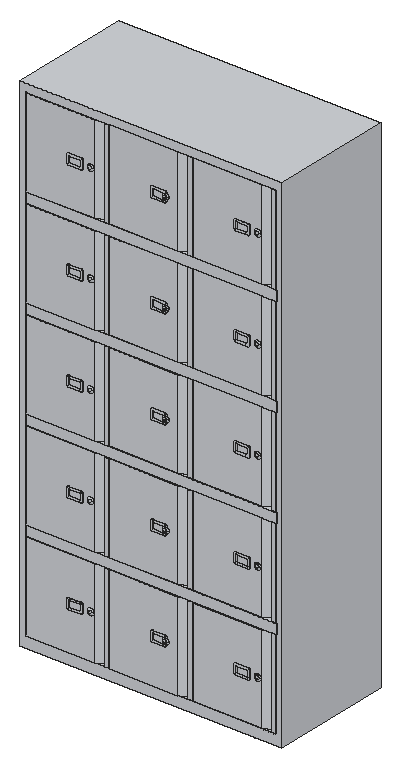
Revit family "BISLEY_SystemFile_Lodges", category Furniture, Revit 2018 (continued)
Dimensions and locks
  locked: Extrusion 72 to plane 41 at 0
  locked: Extrusion 72 to plane 37 at 0
  aligned and locked: level to plane 2
  aligned and locked: Extrusion 1 sketch curve to plane 6
  aligned and locked: plane 4 to Extrusion 1 sketch curve
  aligned and locked: plane 7 to Extrusion 1 sketch curve
  aligned and locked: Extrusion 1 sketch curve to plane 5
  aligned and locked: Extrusion 1 to plane 9
  aligned and locked: plane 8 to Extrusion 1
  aligned and locked: plane 11 to Extrusion 2 sketch curve
  aligned and locked: Extrusion 2 sketch curve to plane 10
  aligned and locked: Extrusion 2 sketch curve to plane 12
  aligned and locked: Extrusion 2 to plane 7
  aligned and locked: Extrusion 2 to plane 13
  aligned and locked: Extrusion 6 to plane 21
  aligned and locked: plane 17 to Extrusion 6
  aligned and locked: plane 22 to Extrusion 6
  aligned and locked: plane 25 to Extrusion 8
  aligned and locked: Extrusion 8 to plane 20
  aligned and locked: plane 22 to Extrusion 8
  aligned and locked: plane 30 to Extrusion 10
  aligned and locked: plane 28 to Extrusion 10
  aligned and locked: plane 22 to Extrusion 10
  aligned and locked: Extrusion 12 to plane 33
  aligned and locked: plane 34 to Extrusion 12
  aligned and locked: plane 22 to Extrusion 12
  aligned and locked: Extrusion 14 to plane 37
  aligned and locked: plane 41 to Extrusion 14
  aligned and locked: plane 19 to Extrusion 16
  aligned and locked: Extrusion 16 to plane 18
  aligned and locked: plane 12 to Extrusion 17
  aligned and locked: Extrusion 17 to plane 11
  aligned and locked: plane 26 to Extrusion 17
  aligned and locked: plane 27 to Extrusion 17
  aligned and locked: plane 12 to Extrusion 16
  aligned and locked: Extrusion 16 to plane 11
  aligned and locked: plane 12 to Extrusion 18
  aligned and locked: Extrusion 18 to plane 31
  aligned and locked: plane 32 to Extrusion 18
  aligned and locked: Extrusion 18 to plane 11
  aligned and locked: plane 12 to Extrusion 19
  aligned and locked: Extrusion 19 to plane 35
  aligned and locked: plane 36 to Extrusion 19
  aligned and locked: Extrusion 19 to plane 11
  aligned and locked: Extrusion 19 to plane 7
  aligned and locked: Extrusion 19 to plane 13
  aligned and locked: Extrusion 18 to plane 7
  aligned and locked: Extrusion 18 to plane 13
  aligned and locked: Extrusion 17 to plane 7
  aligned and locked: Extrusion 17 to plane 13
  aligned and locked: Extrusion 16 to plane 7
  aligned and locked: Extrusion 16 to plane 13
  aligned and locked: Extrusion 20 to Extrusion 6
  aligned and locked: Extrusion 20 to plane 23
  aligned and locked: Extrusion 6 to Extrusion 20
  aligned and locked: Extrusion 22 to plane 20
  aligned and locked: Extrusion 22 to plane 23
  aligned and locked: plane 25 to Extrusion 22
  aligned and locked: plane 28 to Extrusion 24
  aligned and locked: Extrusion 24 to plane 23
  aligned and locked: plane 30 to Extrusion 24
  aligned and locked: Extrusion 26 to plane 33
  aligned and locked: Extrusion 26 to plane 23
  aligned and locked: plane 34 to Extrusion 26
  aligned and locked: Extrusion 28 to plane 37
  aligned and locked: Extrusion 28 to plane 23
  aligned and locked: Extrusion 14 to Extrusion 28
  aligned and locked: Extrusion 30 to plane 23
  aligned and locked: Extrusion 6 to Extrusion 30
  aligned and locked: Extrusion 30 to plane 21
  aligned and locked: plane 47 to Extrusion 30
  aligned and locked: plane 49 to Extrusion 33
  aligned and locked: Extrusion 33 to Extrusion 6
  aligned and locked: Extrusion 33 to plane 48
  aligned and locked: Extrusion 6 to Extrusion 33
  aligned and locked: Extrusion 36 to Extrusion 6  (x2)
  aligned and locked: Extrusion 6 to Extrusion 36
  aligned and locked: plane 50 to Extrusion 36
  aligned and locked: Extrusion 39 to plane 20
  aligned and locked: plane 25 to Extrusion 39
  aligned and locked: Extrusion 39 to plane 23
  aligned and locked: Extrusion 42 to plane 48
  aligned and locked: Extrusion 42 to plane 20
  aligned and locked: plane 25 to Extrusion 42
  aligned and locked: plane 49 to Extrusion 42
  aligned and locked: plane 25 to Extrusion 45
  aligned and locked: plane 50 to Extrusion 45
  aligned and locked: Extrusion 45 to plane 20
  aligned and locked: plane 22 to Extrusion 45
  aligned and locked: Extrusion 48 to plane 23
  aligned and locked: plane 47 to Extrusion 48
  aligned and locked: plane 28 to Extrusion 48
  aligned and locked: plane 30 to Extrusion 48
  aligned and locked: plane 49 to Extrusion 51
  aligned and locked: plane 28 to Extrusion 51
  aligned and locked: plane 28 to Extrusion 54
  aligned and locked: Extrusion 57 to plane 23
  aligned and locked: Extrusion 57 to plane 33
  aligned and locked: Extrusion 60 to plane 48
  aligned and locked: Extrusion 60 to plane 33
  aligned and locked: Extrusion 63 to plane 33
  aligned and locked: Extrusion 66 to plane 37
  aligned and locked: Extrusion 69 to plane 37
  aligned and locked: Extrusion 72 to Extrusion 14
Automatic sketch dimensions
  Extrusion 3 sketch curve to Extrusion 3 sketch curve = 1.642 mm
  Extrusion 3 sketch curve to Extrusion 3 sketch curve = 15.358 mm  (x2)
  Extrusion 3 sketch curve to Extrusion 3 sketch curve = 34.978 mm
  Extrusion 3 sketch curve to Extrusion 3 sketch curve = 249.536 mm
  Extrusion 3 sketch curve to Extrusion 3 sketch curve = 1.402 mm
  Extrusion 3 sketch curve to Extrusion 3 sketch curve = 16.849 mm
  Extrusion 3 sketch curve to Extrusion 3 sketch curve = 1.749 mm
  Extrusion 3 sketch curve to Extrusion 3 sketch curve = 0 mm
  plane 41 to Extrusion 2 sketch curve = 3 mm
  Extrusion 4 sketch curve to plane 15 = 0 mm  (x2)
  Extrusion 4 sketch curve to plane 16 = 0 mm  (x2)
  plane 23 to Extrusion 4 sketch curve = 96.333 mm  (x2)
  Extrusion 4 sketch curve to plane 22 = 96.333 mm  (x2)
  Extrusion 5 sketch curve to plane 15 = 0 mm  (x2)
  Extrusion 5 sketch curve to plane 16 = 0 mm  (x2)
  plane 23 to Extrusion 5 sketch curve = 96.333 mm  (x2)
  Extrusion 5 sketch curve to plane 22 = 96.333 mm  (x2)
  Extrusion 6 sketch curve to plane 22 = 0 mm
  Extrusion 6 sketch curve to plane 7 = 0.008 mm  (x2)
  plane 3 "Center (Left/Right)" to Extrusion 6 sketch curve = 56 mm
  Extrusion 6 sketch curve to plane 14 = 3.749 mm
  plane 3 "Center (Left/Right)" to Extrusion 6 sketch curve = 24.09 mm
  plane 7 to Extrusion 6 sketch curve = 1.992 mm
  Extrusion 6 sketch curve to Extrusion 6 sketch curve = 6.09 mm
  plane 3 "Center (Left/Right)" to Extrusion 6 sketch curve = 3 mm
  plane 3 "Center (Left/Right)" to Extrusion 6 sketch curve = 1 mm
  Extrusion 6 sketch curve to plane 14 = 2.008 mm
  Blend 7 sketch curve to plane 24 = 0 mm  (x2)
  Blend 7 sketch curve to plane 49 = 54.292 mm  (x2)
  Extrusion 8 sketch curve to plane 22 = 0 mm
  Extrusion 8 sketch curve to plane 7 = 0.008 mm  (x2)
  plane 3 "Center (Left/Right)" to Extrusion 8 sketch curve = 56 mm
  Extrusion 8 sketch curve to plane 14 = 3.749 mm
  plane 3 "Center (Left/Right)" to Extrusion 8 sketch curve = 24.09 mm
  plane 7 to Extrusion 8 sketch curve = 1.992 mm
  Extrusion 8 sketch curve to Extrusion 8 sketch curve = 6.09 mm
  plane 3 "Center (Left/Right)" to Extrusion 8 sketch curve = 3 mm
  plane 3 "Center (Left/Right)" to Extrusion 8 sketch curve = 1 mm
  Extrusion 8 sketch curve to plane 14 = 2.008 mm
  Blend 9 sketch curve to plane 29 = 0 mm  (x2)
  Blend 9 sketch curve to plane 49 = 54.292 mm  (x2)
  Extrusion 10 sketch curve to plane 22 = 0 mm
  Extrusion 10 sketch curve to plane 7 = 0.008 mm  (x2)
  plane 3 "Center (Left/Right)" to Extrusion 10 sketch curve = 56 mm
  Extrusion 10 sketch curve to plane 14 = 3.749 mm
  plane 3 "Center (Left/Right)" to Extrusion 10 sketch curve = 24.09 mm
  plane 7 to Extrusion 10 sketch curve = 1.992 mm
  Extrusion 10 sketch curve to Extrusion 10 sketch curve = 6.09 mm
  plane 3 "Center (Left/Right)" to Extrusion 10 sketch curve = 3 mm
  plane 3 "Center (Left/Right)" to Extrusion 10 sketch curve = 1 mm
  Extrusion 10 sketch curve to plane 14 = 2.008 mm
  Blend 11 sketch curve to plane 38 = 0 mm  (x2)
  Blend 11 sketch curve to plane 49 = 54.292 mm  (x2)
  Extrusion 12 sketch curve to plane 22 = 0 mm
  Extrusion 12 sketch curve to plane 7 = 0.008 mm  (x2)
  plane 3 "Center (Left/Right)" to Extrusion 12 sketch curve = 56 mm
  Extrusion 12 sketch curve to plane 14 = 3.749 mm
  plane 3 "Center (Left/Right)" to Extrusion 12 sketch curve = 24.09 mm
  plane 7 to Extrusion 12 sketch curve = 1.992 mm
  Extrusion 12 sketch curve to Extrusion 12 sketch curve = 6.09 mm
  plane 3 "Center (Left/Right)" to Extrusion 12 sketch curve = 3 mm
  plane 3 "Center (Left/Right)" to Extrusion 12 sketch curve = 1 mm
  Extrusion 12 sketch curve to plane 14 = 2.008 mm
  Blend 13 sketch curve to plane 39 = 0 mm  (x2)
  Blend 13 sketch curve to plane 49 = 54.292 mm  (x2)
  Extrusion 14 sketch curve to plane 22 = 0 mm
  Extrusion 14 sketch curve to plane 7 = 0.008 mm  (x2)
  plane 3 "Center (Left/Right)" to Extrusion 14 sketch curve = 56 mm
  Extrusion 14 sketch curve to plane 14 = 3.749 mm
  plane 3 "Center (Left/Right)" to Extrusion 14 sketch curve = 24.09 mm
  plane 7 to Extrusion 14 sketch curve = 1.992 mm
  Extrusion 14 sketch curve to Extrusion 14 sketch curve = 6.09 mm
  plane 3 "Center (Left/Right)" to Extrusion 14 sketch curve = 3 mm
  plane 3 "Center (Left/Right)" to Extrusion 14 sketch curve = 1 mm
  Extrusion 14 sketch curve to plane 14 = 2.008 mm
  Blend 15 sketch curve to plane 40 = 0 mm  (x2)
  Blend 15 sketch curve to plane 49 = 54.292 mm  (x2)
  Extrusion 16 sketch curve to plane 11 = 0 mm
  Extrusion 16 sketch curve to plane 12 = 0 mm
  Extrusion 16 sketch curve to plane 18 = 0 mm
  Extrusion 16 sketch curve to plane 19 = 0 mm
  Extrusion 17 sketch curve to plane 11 = 0 mm
  Extrusion 17 sketch curve to plane 12 = 0 mm
  Extrusion 17 sketch curve to plane 26 = 0 mm
  Extrusion 17 sketch curve to plane 27 = 0 mm
  Extrusion 18 sketch curve to plane 11 = 0 mm
  Extrusion 18 sketch curve to plane 12 = 0 mm
  Extrusion 18 sketch curve to plane 31 = 0 mm
  Extrusion 18 sketch curve to plane 32 = 0 mm
  Extrusion 19 sketch curve to plane 11 = 0 mm
  Extrusion 19 sketch curve to plane 12 = 0 mm
  Extrusion 19 sketch curve to plane 35 = 0 mm
  Extrusion 19 sketch curve to plane 36 = 0 mm
  Extrusion 20 sketch curve to plane 23 = 0 mm
  Extrusion 20 sketch curve to plane 7 = 0.008 mm  (x2)
  Extrusion 20 sketch curve to plane 3 "Center (Left/Right)" = 56.41 mm
  Extrusion 20 sketch curve to plane 14 = 3.749 mm
  Extrusion 20 sketch curve to plane 3 "Center (Left/Right)" = 24.5 mm
  plane 7 to Extrusion 20 sketch curve = 1.992 mm
  Extrusion 20 sketch curve to Extrusion 20 sketch curve = 6.09 mm
  Extrusion 20 sketch curve to plane 3 "Center (Left/Right)" = 3.41 mm
  Extrusion 20 sketch curve to plane 3 "Center (Left/Right)" = 1.41 mm
  Extrusion 20 sketch curve to plane 14 = 2.008 mm
  Blend 21 sketch curve to plane 24 = 0 mm  (x2)
  Blend 21 sketch curve to plane 48 = 54.292 mm  (x2)
  Extrusion 22 sketch curve to plane 23 = 0 mm
  Extrusion 22 sketch curve to plane 7 = 0.008 mm  (x2)
  Extrusion 22 sketch curve to plane 3 "Center (Left/Right)" = 56 mm
  Extrusion 22 sketch curve to plane 14 = 3.749 mm
  Extrusion 22 sketch curve to plane 3 "Center (Left/Right)" = 24.09 mm
  plane 7 to Extrusion 22 sketch curve = 1.992 mm
  Extrusion 22 sketch curve to Extrusion 22 sketch curve = 6.09 mm
  Extrusion 22 sketch curve to plane 3 "Center (Left/Right)" = 3 mm
  Extrusion 22 sketch curve to plane 3 "Center (Left/Right)" = 1 mm
  Extrusion 22 sketch curve to plane 14 = 2.008 mm
  Blend 23 sketch curve to plane 29 = 0 mm  (x2)
  Blend 23 sketch curve to plane 48 = 54.292 mm  (x2)
  Extrusion 24 sketch curve to plane 23 = 0 mm
  Extrusion 24 sketch curve to plane 7 = 0.008 mm  (x2)
  Extrusion 24 sketch curve to plane 3 "Center (Left/Right)" = 56 mm
  Extrusion 24 sketch curve to plane 14 = 3.749 mm
  Extrusion 24 sketch curve to plane 3 "Center (Left/Right)" = 24.09 mm
  plane 7 to Extrusion 24 sketch curve = 1.992 mm
  Extrusion 24 sketch curve to Extrusion 24 sketch curve = 6.09 mm
  Extrusion 24 sketch curve to plane 3 "Center (Left/Right)" = 3 mm
  Extrusion 24 sketch curve to plane 3 "Center (Left/Right)" = 1 mm
  Extrusion 24 sketch curve to plane 14 = 2.008 mm
  Blend 25 sketch curve to plane 38 = 0 mm  (x2)
  Blend 25 sketch curve to plane 48 = 54.292 mm  (x2)
  Extrusion 26 sketch curve to plane 23 = 0 mm
  Extrusion 26 sketch curve to plane 7 = 0.008 mm  (x2)
  Extrusion 26 sketch curve to plane 3 "Center (Left/Right)" = 56 mm
  Extrusion 26 sketch curve to plane 14 = 3.749 mm
  Extrusion 26 sketch curve to plane 3 "Center (Left/Right)" = 24.09 mm
  plane 7 to Extrusion 26 sketch curve = 1.992 mm
  Extrusion 26 sketch curve to Extrusion 26 sketch curve = 6.09 mm
  Extrusion 26 sketch curve to plane 3 "Center (Left/Right)" = 3 mm
  Extrusion 26 sketch curve to plane 3 "Center (Left/Right)" = 1 mm
  Extrusion 26 sketch curve to plane 14 = 2.008 mm
  Blend 27 sketch curve to plane 39 = 0 mm  (x2)
  Blend 27 sketch curve to plane 48 = 54.292 mm  (x2)
  Extrusion 28 sketch curve to plane 23 = 0 mm
  Extrusion 28 sketch curve to plane 7 = 0.008 mm  (x2)
  Extrusion 28 sketch curve to plane 3 "Center (Left/Right)" = 56 mm
  Extrusion 28 sketch curve to plane 14 = 3.749 mm
  Extrusion 28 sketch curve to plane 3 "Center (Left/Right)" = 24.09 mm
  plane 7 to Extrusion 28 sketch curve = 1.992 mm
  Extrusion 28 sketch curve to Extrusion 28 sketch curve = 6.09 mm
  Extrusion 28 sketch curve to plane 3 "Center (Left/Right)" = 3 mm
  Extrusion 28 sketch curve to plane 3 "Center (Left/Right)" = 1 mm
  Extrusion 28 sketch curve to plane 14 = 2.008 mm
  Blend 29 sketch curve to plane 40 = 0 mm  (x2)
  Blend 29 sketch curve to plane 48 = 54.292 mm  (x2)
  Extrusion 30 sketch curve to plane 47 = 0 mm
  Extrusion 30 sketch curve to plane 23 = 0 mm
  Extrusion 30 sketch curve to plane 47 = 2 mm
  Extrusion 30 sketch curve to plane 7 = 0.008 mm  (x2)
  Extrusion 30 sketch curve to Extrusion 30 sketch curve = 15 mm
  Extrusion 30 sketch curve to plane 14 = 3.749 mm
  Extrusion 30 sketch curve to Extrusion 30 sketch curve = 6.09 mm
  Extrusion 30 sketch curve to Extrusion 30 sketch curve = 31.91 mm
  Extrusion 30 sketch curve to plane 14 = 2.008 mm
  plane 7 to Extrusion 30 sketch curve = 1.992 mm
  Blend 31 sketch curve to plane 24 = 0 mm  (x2)
  plane 47 to Blend 31 sketch curve = 70.041 mm  (x2)
  plane 24 to Extrusion 32 sketch curve = 13 mm
  plane 47 to Extrusion 32 sketch curve = 99.018 mm
  Extrusion 32 sketch curve to Extrusion 32 sketch curve = 7 mm  (x3)
  Extrusion 32 sketch curve to Extrusion 32 sketch curve = 0 mm  (x4)
  Extrusion 32 sketch curve to Extrusion 32 sketch curve = 1 mm  (x5)
  Extrusion 32 sketch curve to plane 24 = 12 mm
  Extrusion 32 sketch curve to Extrusion 32 sketch curve = 44 mm
  Extrusion 33 sketch curve to plane 49 = 0 mm
  Extrusion 33 sketch curve to plane 48 = 0 mm
  Extrusion 33 sketch curve to plane 49 = 2 mm
  Extrusion 33 sketch curve to plane 7 = 0.008 mm  (x2)
  Extrusion 33 sketch curve to Extrusion 33 sketch curve = 15 mm
  Extrusion 33 sketch curve to plane 14 = 3.749 mm
  Extrusion 33 sketch curve to Extrusion 33 sketch curve = 6.09 mm
  Extrusion 33 sketch curve to Extrusion 33 sketch curve = 31.91 mm
  Extrusion 33 sketch curve to plane 14 = 2.008 mm
  plane 7 to Extrusion 33 sketch curve = 1.992 mm
  Blend 34 sketch curve to plane 24 = 0 mm  (x2)
  Blend 34 sketch curve to plane 3 "Center (Left/Right)" = 55.292 mm  (x2)
  plane 24 to Extrusion 35 sketch curve = 13 mm
  Extrusion 35 sketch curve to plane 3 "Center (Left/Right)" = 59.649 mm
  Extrusion 35 sketch curve to Extrusion 35 sketch curve = 7 mm  (x2)
  Extrusion 35 sketch curve to Extrusion 35 sketch curve = 0 mm  (x3)
  Extrusion 35 sketch curve to Extrusion 35 sketch curve = 1 mm  (x3)
  Extrusion 35 sketch curve to plane 3 "Center (Left/Right)" = 7.649 mm  (x2)
  Extrusion 35 sketch curve to plane 3 "Center (Left/Right)" = 6.649 mm  (x2)
  plane 3 "Center (Left/Right)" to Extrusion 35 sketch curve = 0.351 mm
  Extrusion 35 sketch curve to plane 24 = 12 mm
  Extrusion 36 sketch curve to plane 22 = 0 mm
  Extrusion 36 sketch curve to plane 50 = 0 mm
  Extrusion 36 sketch curve to plane 22 = 2 mm
  Extrusion 36 sketch curve to plane 7 = 0.008 mm  (x2)
  Extrusion 36 sketch curve to Extrusion 36 sketch curve = 15 mm
  Extrusion 36 sketch curve to plane 14 = 3.749 mm
  Extrusion 36 sketch curve to Extrusion 36 sketch curve = 6.09 mm
  Extrusion 36 sketch curve to Extrusion 36 sketch curve = 31.91 mm
  Extrusion 36 sketch curve to plane 14 = 2.008 mm
  plane 7 to Extrusion 36 sketch curve = 1.992 mm
  Blend 37 sketch curve to plane 24 = 0 mm  (x2)
  plane 22 to Blend 37 sketch curve = 70.041 mm  (x2)
  plane 24 to Extrusion 38 sketch curve = 13 mm
  plane 22 to Extrusion 38 sketch curve = 99.018 mm
  Extrusion 38 sketch curve to Extrusion 38 sketch curve = 7 mm  (x3)
  Extrusion 38 sketch curve to Extrusion 38 sketch curve = 0 mm  (x4)
  Extrusion 38 sketch curve to Extrusion 38 sketch curve = 1 mm  (x5)
  Extrusion 38 sketch curve to plane 24 = 12 mm
  Extrusion 38 sketch curve to Extrusion 38 sketch curve = 44 mm
  Extrusion 39 sketch curve to plane 47 = 0 mm
  Extrusion 39 sketch curve to plane 23 = 0 mm
  Extrusion 39 sketch curve to plane 47 = 2 mm
  Extrusion 39 sketch curve to plane 7 = 0.008 mm  (x2)
  Extrusion 39 sketch curve to Extrusion 39 sketch curve = 15 mm
  Extrusion 39 sketch curve to plane 14 = 3.749 mm
  Extrusion 39 sketch curve to Extrusion 39 sketch curve = 6.09 mm
  Extrusion 39 sketch curve to Extrusion 39 sketch curve = 31.91 mm
  Extrusion 39 sketch curve to plane 14 = 2.008 mm
  plane 7 to Extrusion 39 sketch curve = 1.992 mm
  Blend 40 sketch curve to plane 29 = 0 mm  (x2)
  plane 47 to Blend 40 sketch curve = 70.041 mm  (x2)
  plane 29 to Extrusion 41 sketch curve = 13 mm
  plane 47 to Extrusion 41 sketch curve = 99.018 mm
  Extrusion 41 sketch curve to Extrusion 41 sketch curve = 7 mm  (x3)
  Extrusion 41 sketch curve to Extrusion 41 sketch curve = 0 mm  (x4)
  Extrusion 41 sketch curve to Extrusion 41 sketch curve = 1 mm  (x5)
  Extrusion 41 sketch curve to plane 29 = 12 mm
  Extrusion 41 sketch curve to Extrusion 41 sketch curve = 44 mm
  Extrusion 42 sketch curve to plane 49 = 0 mm
  Extrusion 42 sketch curve to plane 48 = 0 mm
  Extrusion 42 sketch curve to plane 49 = 2 mm
  Extrusion 42 sketch curve to plane 7 = 0.008 mm  (x2)
  Extrusion 42 sketch curve to Extrusion 42 sketch curve = 15 mm
  Extrusion 42 sketch curve to plane 14 = 3.749 mm
  Extrusion 42 sketch curve to Extrusion 42 sketch curve = 6.09 mm
  Extrusion 42 sketch curve to Extrusion 42 sketch curve = 31.91 mm
  Extrusion 42 sketch curve to plane 14 = 2.008 mm
  plane 7 to Extrusion 42 sketch curve = 1.992 mm
  Blend 43 sketch curve to plane 29 = 0 mm  (x2)
  Blend 43 sketch curve to plane 3 "Center (Left/Right)" = 55.292 mm  (x2)
  plane 29 to Extrusion 44 sketch curve = 13 mm
  Extrusion 44 sketch curve to plane 3 "Center (Left/Right)" = 59.649 mm
  Extrusion 44 sketch curve to Extrusion 44 sketch curve = 7 mm  (x2)
  Extrusion 44 sketch curve to Extrusion 44 sketch curve = 0 mm  (x3)
  Extrusion 44 sketch curve to Extrusion 44 sketch curve = 1 mm  (x3)
  Extrusion 44 sketch curve to plane 3 "Center (Left/Right)" = 7.649 mm  (x2)
  Extrusion 44 sketch curve to plane 3 "Center (Left/Right)" = 6.649 mm  (x2)
  plane 3 "Center (Left/Right)" to Extrusion 44 sketch curve = 0.351 mm
  Extrusion 44 sketch curve to plane 29 = 12 mm
  Extrusion 45 sketch curve to plane 22 = 0 mm
  Extrusion 45 sketch curve to plane 50 = 0 mm
  Extrusion 45 sketch curve to plane 22 = 2 mm
  Extrusion 45 sketch curve to plane 7 = 0.008 mm  (x2)
  Extrusion 45 sketch curve to Extrusion 45 sketch curve = 15 mm
  Extrusion 45 sketch curve to plane 14 = 3.749 mm
  Extrusion 45 sketch curve to Extrusion 45 sketch curve = 6.09 mm
  Extrusion 45 sketch curve to Extrusion 45 sketch curve = 31.91 mm
  Extrusion 45 sketch curve to plane 14 = 2.008 mm
  plane 7 to Extrusion 45 sketch curve = 1.992 mm
  Blend 46 sketch curve to plane 29 = 0 mm  (x2)
  plane 22 to Blend 46 sketch curve = 70.041 mm  (x2)
  plane 29 to Extrusion 47 sketch curve = 13 mm
  plane 22 to Extrusion 47 sketch curve = 99.018 mm
  Extrusion 47 sketch curve to Extrusion 47 sketch curve = 7 mm  (x3)
  Extrusion 47 sketch curve to Extrusion 47 sketch curve = 0 mm  (x3)
  Extrusion 47 sketch curve to Extrusion 47 sketch curve = 1 mm  (x6)
  Extrusion 47 sketch curve to plane 29 = 12 mm
  Extrusion 47 sketch curve to Extrusion 47 sketch curve = 44 mm
  Extrusion 48 sketch curve to plane 47 = 0 mm
  Extrusion 48 sketch curve to plane 23 = 0 mm
  Extrusion 48 sketch curve to plane 47 = 2 mm
  Extrusion 48 sketch curve to plane 7 = 0.008 mm  (x2)
  Extrusion 48 sketch curve to Extrusion 48 sketch curve = 15 mm
  Extrusion 48 sketch curve to plane 14 = 3.749 mm
  Extrusion 48 sketch curve to Extrusion 48 sketch curve = 6.09 mm
  Extrusion 48 sketch curve to Extrusion 48 sketch curve = 31.91 mm
  Extrusion 48 sketch curve to plane 14 = 2.008 mm
  plane 7 to Extrusion 48 sketch curve = 1.992 mm
  Blend 49 sketch curve to plane 38 = 0 mm  (x2)
  plane 47 to Blend 49 sketch curve = 70.041 mm  (x2)
  plane 38 to Extrusion 50 sketch curve = 13 mm
  plane 47 to Extrusion 50 sketch curve = 99.018 mm
  Extrusion 50 sketch curve to Extrusion 50 sketch curve = 7 mm  (x3)
  Extrusion 50 sketch curve to Extrusion 50 sketch curve = 0 mm  (x4)
  Extrusion 50 sketch curve to Extrusion 50 sketch curve = 1 mm  (x5)
  Extrusion 50 sketch curve to plane 38 = 12 mm
  Extrusion 50 sketch curve to Extrusion 50 sketch curve = 44 mm
  Extrusion 51 sketch curve to plane 49 = 0 mm
  Extrusion 51 sketch curve to plane 48 = 0 mm
  Extrusion 51 sketch curve to plane 49 = 2 mm
  Extrusion 51 sketch curve to plane 7 = 0.008 mm  (x2)
  Extrusion 51 sketch curve to Extrusion 51 sketch curve = 15 mm
  Extrusion 51 sketch curve to plane 14 = 3.749 mm
  Extrusion 51 sketch curve to Extrusion 51 sketch curve = 6.09 mm
  Extrusion 51 sketch curve to Extrusion 51 sketch curve = 31.91 mm
  Extrusion 51 sketch curve to plane 14 = 2.008 mm
  plane 7 to Extrusion 51 sketch curve = 1.992 mm
  Blend 52 sketch curve to plane 38 = 0 mm  (x2)
  Blend 52 sketch curve to plane 3 "Center (Left/Right)" = 55.292 mm  (x2)
  plane 38 to Extrusion 53 sketch curve = 13 mm
  Extrusion 53 sketch curve to plane 3 "Center (Left/Right)" = 59.649 mm
  Extrusion 53 sketch curve to Extrusion 53 sketch curve = 7 mm  (x2)
  Extrusion 53 sketch curve to Extrusion 53 sketch curve = 0 mm  (x3)
  Extrusion 53 sketch curve to Extrusion 53 sketch curve = 1 mm  (x3)
  Extrusion 53 sketch curve to plane 3 "Center (Left/Right)" = 7.649 mm  (x2)
  Extrusion 53 sketch curve to plane 3 "Center (Left/Right)" = 6.649 mm  (x2)
  plane 3 "Center (Left/Right)" to Extrusion 53 sketch curve = 0.351 mm
  Extrusion 53 sketch curve to plane 38 = 12 mm
  Extrusion 54 sketch curve to plane 22 = 0 mm
  Extrusion 54 sketch curve to plane 50 = 0 mm
  Extrusion 54 sketch curve to plane 22 = 2 mm
  Extrusion 54 sketch curve to plane 7 = 0.008 mm  (x2)
  Extrusion 54 sketch curve to Extrusion 54 sketch curve = 15 mm
  Extrusion 54 sketch curve to plane 14 = 3.749 mm
  Extrusion 54 sketch curve to Extrusion 54 sketch curve = 6.09 mm
  Extrusion 54 sketch curve to Extrusion 54 sketch curve = 31.91 mm
  Extrusion 54 sketch curve to plane 14 = 2.008 mm
  plane 7 to Extrusion 54 sketch curve = 1.992 mm
  Blend 55 sketch curve to plane 38 = 0 mm  (x2)
  plane 22 to Blend 55 sketch curve = 70.041 mm  (x2)
  plane 38 to Extrusion 56 sketch curve = 13 mm
  plane 22 to Extrusion 56 sketch curve = 99.018 mm
  Extrusion 56 sketch curve to Extrusion 56 sketch curve = 7 mm  (x3)
  Extrusion 56 sketch curve to Extrusion 56 sketch curve = 0 mm  (x5)
  Extrusion 56 sketch curve to Extrusion 56 sketch curve = 1 mm  (x4)
  Extrusion 56 sketch curve to plane 38 = 12 mm
  Extrusion 56 sketch curve to Extrusion 56 sketch curve = 44 mm
  Extrusion 57 sketch curve to plane 47 = 0 mm
  Extrusion 57 sketch curve to plane 23 = 0 mm
  Extrusion 57 sketch curve to plane 47 = 2 mm
  Extrusion 57 sketch curve to plane 7 = 0.008 mm  (x2)
  Extrusion 57 sketch curve to Extrusion 57 sketch curve = 15 mm
  Extrusion 57 sketch curve to plane 14 = 3.749 mm
  Extrusion 57 sketch curve to Extrusion 57 sketch curve = 6.09 mm
  Extrusion 57 sketch curve to Extrusion 57 sketch curve = 31.91 mm
  Extrusion 57 sketch curve to plane 14 = 2.008 mm
  plane 7 to Extrusion 57 sketch curve = 1.992 mm
  Blend 58 sketch curve to plane 39 = 0 mm  (x2)
  plane 47 to Blend 58 sketch curve = 70.041 mm  (x2)
  plane 39 to Extrusion 59 sketch curve = 13 mm
  plane 47 to Extrusion 59 sketch curve = 99.018 mm
  Extrusion 59 sketch curve to Extrusion 59 sketch curve = 7 mm  (x3)
  Extrusion 59 sketch curve to Extrusion 59 sketch curve = 0 mm  (x4)
  Extrusion 59 sketch curve to Extrusion 59 sketch curve = 1 mm  (x5)
  Extrusion 59 sketch curve to plane 39 = 12 mm
  Extrusion 59 sketch curve to Extrusion 59 sketch curve = 44 mm
  Extrusion 60 sketch curve to plane 49 = 0 mm
  Extrusion 60 sketch curve to plane 48 = 0 mm
  Extrusion 60 sketch curve to plane 49 = 2 mm
  Extrusion 60 sketch curve to plane 7 = 0.008 mm  (x2)
  Extrusion 60 sketch curve to Extrusion 60 sketch curve = 15 mm
  Extrusion 60 sketch curve to plane 14 = 3.749 mm
  Extrusion 60 sketch curve to Extrusion 60 sketch curve = 6.09 mm
  Extrusion 60 sketch curve to Extrusion 60 sketch curve = 31.91 mm
  Extrusion 60 sketch curve to plane 14 = 2.008 mm
  plane 7 to Extrusion 60 sketch curve = 1.992 mm
  Blend 61 sketch curve to plane 39 = 0 mm  (x2)
  Blend 61 sketch curve to plane 3 "Center (Left/Right)" = 55.292 mm  (x2)
  plane 39 to Extrusion 62 sketch curve = 13 mm
  Extrusion 62 sketch curve to plane 3 "Center (Left/Right)" = 59.649 mm
  Extrusion 62 sketch curve to Extrusion 62 sketch curve = 7 mm  (x2)
  Extrusion 62 sketch curve to Extrusion 62 sketch curve = 0 mm  (x3)
  Extrusion 62 sketch curve to Extrusion 62 sketch curve = 1 mm  (x3)
  Extrusion 62 sketch curve to plane 3 "Center (Left/Right)" = 7.649 mm  (x2)
  Extrusion 62 sketch curve to plane 3 "Center (Left/Right)" = 6.649 mm  (x2)
  plane 3 "Center (Left/Right)" to Extrusion 62 sketch curve = 0.351 mm
  Extrusion 62 sketch curve to plane 39 = 12 mm
  Extrusion 63 sketch curve to plane 22 = 0 mm
  Extrusion 63 sketch curve to plane 50 = 0 mm
  Extrusion 63 sketch curve to plane 22 = 2 mm
  Extrusion 63 sketch curve to plane 7 = 0.008 mm  (x2)
  Extrusion 63 sketch curve to Extrusion 63 sketch curve = 15 mm
  Extrusion 63 sketch curve to plane 14 = 3.749 mm
  Extrusion 63 sketch curve to Extrusion 63 sketch curve = 6.09 mm
  Extrusion 63 sketch curve to Extrusion 63 sketch curve = 31.91 mm
  Extrusion 63 sketch curve to plane 14 = 2.008 mm
  plane 7 to Extrusion 63 sketch curve = 1.992 mm
  Blend 64 sketch curve to plane 39 = 0 mm  (x2)
  plane 22 to Blend 64 sketch curve = 70.041 mm  (x2)
  plane 39 to Extrusion 65 sketch curve = 13 mm
  plane 22 to Extrusion 65 sketch curve = 99.018 mm
  Extrusion 65 sketch curve to Extrusion 65 sketch curve = 7 mm  (x3)
  Extrusion 65 sketch curve to Extrusion 65 sketch curve = 0 mm  (x4)
  Extrusion 65 sketch curve to Extrusion 65 sketch curve = 1 mm  (x5)
  Extrusion 65 sketch curve to plane 39 = 12 mm
  Extrusion 65 sketch curve to Extrusion 65 sketch curve = 44 mm
  Extrusion 66 sketch curve to plane 47 = 0 mm
  Extrusion 66 sketch curve to plane 23 = 0 mm
  Extrusion 66 sketch curve to plane 47 = 2 mm
  Extrusion 66 sketch curve to plane 7 = 0.008 mm  (x2)
  Extrusion 66 sketch curve to Extrusion 66 sketch curve = 15 mm
  Extrusion 66 sketch curve to plane 14 = 3.749 mm
  Extrusion 66 sketch curve to Extrusion 66 sketch curve = 6.09 mm
  Extrusion 66 sketch curve to Extrusion 66 sketch curve = 31.91 mm
  Extrusion 66 sketch curve to plane 14 = 2.008 mm
  plane 7 to Extrusion 66 sketch curve = 1.992 mm
  Blend 67 sketch curve to plane 40 = 0 mm  (x2)
  plane 47 to Blend 67 sketch curve = 70.041 mm  (x2)
  plane 40 to Extrusion 68 sketch curve = 13 mm
  plane 47 to Extrusion 68 sketch curve = 99.018 mm
  Extrusion 68 sketch curve to Extrusion 68 sketch curve = 7 mm  (x3)
  Extrusion 68 sketch curve to Extrusion 68 sketch curve = 0 mm  (x5)
  Extrusion 68 sketch curve to Extrusion 68 sketch curve = 1 mm  (x4)
  Extrusion 68 sketch curve to plane 40 = 12 mm
  Extrusion 68 sketch curve to Extrusion 68 sketch curve = 44 mm
  Extrusion 69 sketch curve to plane 49 = 0 mm
  Extrusion 69 sketch curve to plane 48 = 0 mm
  Extrusion 69 sketch curve to plane 49 = 2 mm
  Extrusion 69 sketch curve to plane 7 = 0.008 mm  (x2)
  Extrusion 69 sketch curve to Extrusion 69 sketch curve = 15 mm
  Extrusion 69 sketch curve to plane 14 = 3.749 mm
  Extrusion 69 sketch curve to Extrusion 69 sketch curve = 6.09 mm
  Extrusion 69 sketch curve to Extrusion 69 sketch curve = 31.91 mm
  Extrusion 69 sketch curve to plane 14 = 2.008 mm
  plane 7 to Extrusion 69 sketch curve = 1.992 mm
  Blend 70 sketch curve to plane 40 = 0 mm  (x2)
  Blend 70 sketch curve to plane 3 "Center (Left/Right)" = 55.292 mm  (x2)
  plane 40 to Extrusion 71 sketch curve = 13 mm
  Extrusion 71 sketch curve to plane 3 "Center (Left/Right)" = 59.649 mm
  Extrusion 71 sketch curve to Extrusion 71 sketch curve = 7 mm  (x2)
  Extrusion 71 sketch curve to Extrusion 71 sketch curve = 0 mm  (x3)
  Extrusion 71 sketch curve to Extrusion 71 sketch curve = 1 mm  (x3)
  Extrusion 71 sketch curve to plane 3 "Center (Left/Right)" = 7.649 mm  (x2)
  Extrusion 71 sketch curve to plane 3 "Center (Left/Right)" = 6.649 mm  (x2)
  plane 3 "Center (Left/Right)" to Extrusion 71 sketch curve = 0.351 mm
  Extrusion 71 sketch curve to plane 40 = 12 mm
  Extrusion 72 sketch curve to plane 22 = 0 mm
  Extrusion 72 sketch curve to plane 50 = 0 mm
  Extrusion 72 sketch curve to plane 22 = 2 mm
  Extrusion 72 sketch curve to plane 7 = 0.008 mm  (x2)
  Extrusion 72 sketch curve to Extrusion 72 sketch curve = 15 mm
  Extrusion 72 sketch curve to plane 14 = 3.749 mm
  Extrusion 72 sketch curve to Extrusion 72 sketch curve = 6.09 mm
  Extrusion 72 sketch curve to Extrusion 72 sketch curve = 31.91 mm
  Extrusion 72 sketch curve to plane 14 = 2.008 mm
  plane 7 to Extrusion 72 sketch curve = 1.992 mm
  Blend 73 sketch curve to plane 40 = 0 mm  (x2)
  plane 22 to Blend 73 sketch curve = 70.041 mm  (x2)
  plane 40 to Extrusion 74 sketch curve = 13 mm
  plane 22 to Extrusion 74 sketch curve = 99.018 mm
  Extrusion 74 sketch curve to Extrusion 74 sketch curve = 7 mm  (x3)
  Extrusion 74 sketch curve to Extrusion 74 sketch curve = 0 mm  (x4)
  Extrusion 74 sketch curve to Extrusion 74 sketch curve = 1 mm  (x5)
  Extrusion 74 sketch curve to plane 40 = 12 mm
  Extrusion 74 sketch curve to Extrusion 74 sketch curve = 44 mm
  Extrusion 75 sketch curve to plane 24 = 0 mm  (x4)
  Extrusion 75 sketch curve to plane 47 = 32.729 mm
  Extrusion 75 sketch curve to Extrusion 75 sketch curve = 7 mm  (x4)
  Extrusion 75 sketch curve to Extrusion 75 sketch curve = 1 mm  (x6)
  plane 48 to Extrusion 75 sketch curve = 17.271 mm  (x2)
  Extrusion 75 sketch curve to Extrusion 75 sketch curve = 0 mm
  Extrusion 75 sketch curve to Extrusion 75 sketch curve = 12 mm
  plane 24 to Extrusion 75 sketch curve = 12 mm
  Extrusion 76 sketch curve to plane 29 = 0 mm  (x4)
  Extrusion 76 sketch curve to plane 47 = 32.729 mm
  Extrusion 76 sketch curve to Extrusion 76 sketch curve = 7 mm  (x4)
  Extrusion 76 sketch curve to Extrusion 76 sketch curve = 1 mm  (x6)
  plane 48 to Extrusion 76 sketch curve = 17.271 mm  (x2)
  Extrusion 76 sketch curve to Extrusion 76 sketch curve = 0 mm
  Extrusion 76 sketch curve to Extrusion 76 sketch curve = 12 mm
  plane 29 to Extrusion 76 sketch curve = 12 mm
  Extrusion 77 sketch curve to plane 38 = 0 mm  (x4)
  Extrusion 77 sketch curve to plane 47 = 32.729 mm
  Extrusion 77 sketch curve to Extrusion 77 sketch curve = 7 mm  (x4)
  Extrusion 77 sketch curve to Extrusion 77 sketch curve = 1 mm  (x6)
  plane 48 to Extrusion 77 sketch curve = 17.271 mm  (x2)
  Extrusion 77 sketch curve to Extrusion 77 sketch curve = 0 mm
  Extrusion 77 sketch curve to Extrusion 77 sketch curve = 12 mm
  plane 38 to Extrusion 77 sketch curve = 12 mm
  Extrusion 78 sketch curve to plane 39 = 0 mm  (x4)
  Extrusion 78 sketch curve to plane 47 = 32.729 mm
  Extrusion 78 sketch curve to Extrusion 78 sketch curve = 7 mm  (x4)
  Extrusion 78 sketch curve to Extrusion 78 sketch curve = 1 mm  (x6)
  plane 48 to Extrusion 78 sketch curve = 17.271 mm  (x2)
  Extrusion 78 sketch curve to Extrusion 78 sketch curve = 0 mm
  Extrusion 78 sketch curve to Extrusion 78 sketch curve = 12 mm
  plane 39 to Extrusion 78 sketch curve = 12 mm
  Extrusion 79 sketch curve to plane 40 = 0 mm  (x4)
  Extrusion 79 sketch curve to plane 47 = 32.729 mm
  Extrusion 79 sketch curve to Extrusion 79 sketch curve = 7 mm  (x4)
  Extrusion 79 sketch curve to Extrusion 79 sketch curve = 1 mm  (x6)
  plane 48 to Extrusion 79 sketch curve = 17.271 mm  (x2)
  Extrusion 79 sketch curve to Extrusion 79 sketch curve = 0 mm
  Extrusion 79 sketch curve to Extrusion 79 sketch curve = 12 mm
  plane 40 to Extrusion 79 sketch curve = 12 mm
  Extrusion 80 sketch curve to plane 24 = 0 mm  (x4)
  plane 50 to Extrusion 80 sketch curve = 32.729 mm
  Extrusion 80 sketch curve to Extrusion 80 sketch curve = 7 mm  (x4)
  Extrusion 80 sketch curve to Extrusion 80 sketch curve = 1 mm  (x6)
  plane 49 to Extrusion 80 sketch curve = 17.271 mm  (x2)
  Extrusion 80 sketch curve to Extrusion 80 sketch curve = 0 mm
  Extrusion 80 sketch curve to Extrusion 80 sketch curve = 12 mm
  Extrusion 80 sketch curve to plane 24 = 12 mm
  Extrusion 81 sketch curve to plane 29 = 0 mm  (x4)
  plane 50 to Extrusion 81 sketch curve = 32.729 mm
  Extrusion 81 sketch curve to Extrusion 81 sketch curve = 7 mm  (x4)
  Extrusion 81 sketch curve to Extrusion 81 sketch curve = 1 mm  (x6)
  plane 49 to Extrusion 81 sketch curve = 17.271 mm  (x2)
  Extrusion 81 sketch curve to Extrusion 81 sketch curve = 0 mm
  Extrusion 81 sketch curve to Extrusion 81 sketch curve = 12 mm
  Extrusion 81 sketch curve to plane 29 = 12 mm
  Extrusion 82 sketch curve to plane 38 = 0 mm  (x4)
  plane 50 to Extrusion 82 sketch curve = 32.729 mm
  Extrusion 82 sketch curve to Extrusion 82 sketch curve = 7 mm  (x4)
  Extrusion 82 sketch curve to Extrusion 82 sketch curve = 1 mm  (x6)
  plane 49 to Extrusion 82 sketch curve = 17.271 mm  (x2)
  Extrusion 82 sketch curve to Extrusion 82 sketch curve = 0 mm
  Extrusion 82 sketch curve to Extrusion 82 sketch curve = 12 mm
  Extrusion 82 sketch curve to plane 38 = 12 mm
  Extrusion 83 sketch curve to plane 39 = 0 mm  (x4)
  plane 50 to Extrusion 83 sketch curve = 32.729 mm
  Extrusion 83 sketch curve to Extrusion 83 sketch curve = 7 mm  (x4)
  Extrusion 83 sketch curve to Extrusion 83 sketch curve = 1 mm  (x6)
  plane 49 to Extrusion 83 sketch curve = 17.271 mm  (x2)
  Extrusion 83 sketch curve to Extrusion 83 sketch curve = 0 mm
  Extrusion 83 sketch curve to Extrusion 83 sketch curve = 12 mm
  Extrusion 83 sketch curve to plane 39 = 12 mm
  Extrusion 84 sketch curve to plane 40 = 0 mm  (x4)
  plane 50 to Extrusion 84 sketch curve = 32.729 mm
  Extrusion 84 sketch curve to Extrusion 84 sketch curve = 7 mm  (x4)
  Extrusion 84 sketch curve to Extrusion 84 sketch curve = 1 mm  (x6)
  plane 49 to Extrusion 84 sketch curve = 17.271 mm  (x2)
  Extrusion 84 sketch curve to Extrusion 84 sketch curve = 0 mm
  Extrusion 84 sketch curve to Extrusion 84 sketch curve = 12 mm
  Extrusion 84 sketch curve to plane 40 = 12 mm
  radius of Extrusion 4 sketch curve = 25 mm  (x4)
  radius of Extrusion 5 sketch curve = 10 mm  (x4)
  radius of Blend 7 sketch curve = 12 mm
  radius of Blend 7 sketch curve = 7.7 mm
  radius of Blend 9 sketch curve = 12 mm
  radius of Blend 9 sketch curve = 7.7 mm
  radius of Blend 11 sketch curve = 12 mm
  radius of Blend 11 sketch curve = 7.7 mm
  radius of Blend 13 sketch curve = 12 mm
  radius of Blend 13 sketch curve = 7.7 mm
  radius of Blend 15 sketch curve = 12 mm
  radius of Blend 15 sketch curve = 7.7 mm
  radius of Blend 21 sketch curve = 12 mm
  radius of Blend 21 sketch curve = 7.7 mm
  radius of Blend 23 sketch curve = 12 mm
  radius of Blend 23 sketch curve = 7.7 mm
  radius of Blend 25 sketch curve = 12 mm
  radius of Blend 25 sketch curve = 7.7 mm
  radius of Blend 27 sketch curve = 12 mm
  radius of Blend 27 sketch curve = 7.7 mm
  radius of Blend 29 sketch curve = 12 mm
  radius of Blend 29 sketch curve = 7.7 mm
  radius of Blend 31 sketch curve = 12 mm
  radius of Blend 31 sketch curve = 7.7 mm
  radius of Blend 34 sketch curve = 12 mm
  radius of Blend 34 sketch curve = 7.7 mm
  radius of Blend 37 sketch curve = 12 mm
  radius of Blend 37 sketch curve = 7.7 mm
  radius of Blend 40 sketch curve = 12 mm
  radius of Blend 40 sketch curve = 7.7 mm
  radius of Blend 43 sketch curve = 12 mm
  radius of Blend 43 sketch curve = 7.7 mm
  radius of Blend 46 sketch curve = 12 mm
  radius of Blend 46 sketch curve = 7.7 mm
  radius of Blend 49 sketch curve = 12 mm
  radius of Blend 49 sketch curve = 7.7 mm
  radius of Blend 52 sketch curve = 12 mm
  radius of Blend 52 sketch curve = 7.7 mm
  radius of Blend 55 sketch curve = 12 mm
  radius of Blend 55 sketch curve = 7.7 mm
  radius of Blend 58 sketch curve = 12 mm
  radius of Blend 58 sketch curve = 7.7 mm
  radius of Blend 61 sketch curve = 12 mm
  radius of Blend 61 sketch curve = 7.7 mm
  radius of Blend 64 sketch curve = 12 mm
  radius of Blend 64 sketch curve = 7.7 mm
  radius of Blend 67 sketch curve = 12 mm
  radius of Blend 67 sketch curve = 7.7 mm
  radius of Blend 70 sketch curve = 12 mm
  radius of Blend 70 sketch curve = 7.7 mm
  radius of Blend 73 sketch curve = 12 mm
  radius of Blend 73 sketch curve = 7.7 mm
Types (16, lengths in mm): name | Width | URL | Product Information | Model Reference | Height | Colour | 5th Row Tie Bar | 5th Row TRIPLE | 5th Row Door Height | 5th Row DOUBLE | 4th Row Tie Bar | 4th Row TRIPLE | 4th Row Doors Height | 4th Row DOUBLE | 3rd Row TRIPLE | 3rd Row Doors Height | 3rd Row DOUBLE | 2nd Row TRIPLE | 2nd Row DOUBLE | 1st Row TRIPLE | 2nd Row Doors Height | 1st Row Doors Height | 1st Row DOUBLE
  (no name) | 1000 | "www.bisley.com" | "15 x 342.9mm doors" | "SYL1060LT5B" | 1947 | "" | yes | yes | 338.2 | no | yes | yes | 338.2 | no | yes | 338.2 | no | yes | no | yes | 338.2 | 338.2 | no
  SYL0830LS2JA | 800 | "www.bisley.com" | "2 pairs of 266.7mm doors and 1 pair of 304.8mm doors" | "SYL0830LS2JA" | 997 | "" | no | no | 305 | no | no | no | 305 | no | no | 262 | yes | no | yes | no | 262 | 303 | yes
  SYL1030LS2JA | 1000 | "www.bisley.com" | "2 pairs of 266.7mm and 1 pair of 304.8mm doors" | "SYL1030LS2JA" | 997 | "" | no | no | 305 | no | no | no | 305 | no | no | 262 | yes | no | yes | no | 262 | 303 | yes
  SYL0834LSA2B | 800 | "www.bisley.com" | "1 pair of 304.88 doors and 2 pairs of 342.9mm doors." | "SYL0834LSA2B" | 1149 | "" | no | no | 305 | no | no | no | 305 | no | no | 303 | yes | no | yes | no | 337 | 337 | yes
  SYL1034LSA2B | 1000 | "www.bisley.com" | "1 x pair of 304.8mm and 2 x pair of 342.9 doors" | "SYL1034LSA2B" | 1149 | "" | no | no | 305 | no | no | no | 305 | no | no | 303 | yes | no | yes | no | 337 | 337 | yes
  SYL0840LS3JA | 800 | "www.bisley.com" | "3 pairs of 266.7mm doors and 1 pair of 304.8mm doors" | "SYL0840LS3JA" | 1301 | "" | no | no | 305 | no | yes | no | 262 | yes | no | 262 | yes | no | yes | no | 262 | 303 | yes
  SYL1040LS3JA | 1000 | "www.bisley.com" | "3 x pais of 266.7mm and 1 x pair of 304.8mm doors" | "SYL1040LS3JA" | 1301 | "" | no | no | 305 | no | yes | no | 262 | yes | no | 262 | yes | no | yes | no | 262 | 303 | yes
  SYL0850LS3J2A | 800 | "www.bisley.com" | "3 pairs of 266.7mm doors and 2 pair of 304.8mm doors" | "SYL0850LS3J2A" | 1643 | "" | yes | no | 262 | yes | yes | no | 262 | yes | no | 262 | yes | no | yes | no | 303 | 303 | yes
  SYL1050LS3J2A | 1000 | "www.bisley.com" | "3 x pairs of 266.7mm and 2 x pairs of 304.8mm doors" | "SYL1050LS3J2A" | 1643 | "" | yes | no | 262 | yes | yes | no | 262 | yes | no | 262 | yes | no | yes | no | 303 | 303 | yes
  SYL0860LS5B | 800 | "www.bisley.com" | "5 x pairs of 342.9mm doors" | "SYL0850LS3J2A" | 1947 | "" | yes | no | 338.2 | yes | yes | no | 338.2 | yes | no | 338.2 | yes | no | yes | no | 338.2 | 338.2 | yes
  SYL1060LS5B | 1000 | "www.bisley.com" | "5 x pairs of 342.9mm doors" | "SYL1060LS5B" | 1947 | "BS EN 14073-2: 2004, BS EN 14073-3: 2004, BS EN 14074: 2004" | yes | no | 338.2 | yes | yes | no | 338.2 | yes | no | 338.2 | yes | no | yes | no | 338.2 | 338.2 | yes
  SYL1060LT5B | 1000 | "www.bisley.com" | "15 x 342.9mm doors" | "SYL1060LT5B" | 1947 | "" | yes | yes | 338.2 | no | yes | yes | 338.2 | no | yes | 338.2 | no | yes | no | yes | 338.2 | 338.2 | no
  SYL1050LT3J2A | 1000 | 0 | "9 x 266.7mm and 6 x 304.8mm doors" | "SYL1050LT3J2A" | 1643 | "" | yes | yes | 261 | no | yes | yes | 261 | no | yes | 261 | no | yes | no | yes | 302 | 302 | no
  SYL1040LT3JA | 1000 | "www.bisley.com" | "9 X 266.7mm and 2 x 304.8mm doors" | "SYL1040LT3JA" | 1301 | "" | no | no | 261 | no | yes | yes | 261 | no | yes | 261 | no | yes | no | yes | 261 | 303 | no
  SYL1034LTA2B | 1000 | "www.bisley.com" | "3 x 304.8mm doors and 6 x 342.9mm doors" | "SYL1034LTA2B" | 1149 | "" | no | no | 261 | no | no | no | 261 | no | yes | 303 | no | yes | no | yes | 337 | 337 | no
  SYL1030LT2JA | 1000 | "www.bisley.com" | "6 x 266.7mm doors and 3 x 304.8mm doors" | "SYL1030LT2JA" | 997 | "" | no | no | 261 | no | no | no | 261 | no | yes | 262 | no | yes | no | yes | 262 | 303 | no
